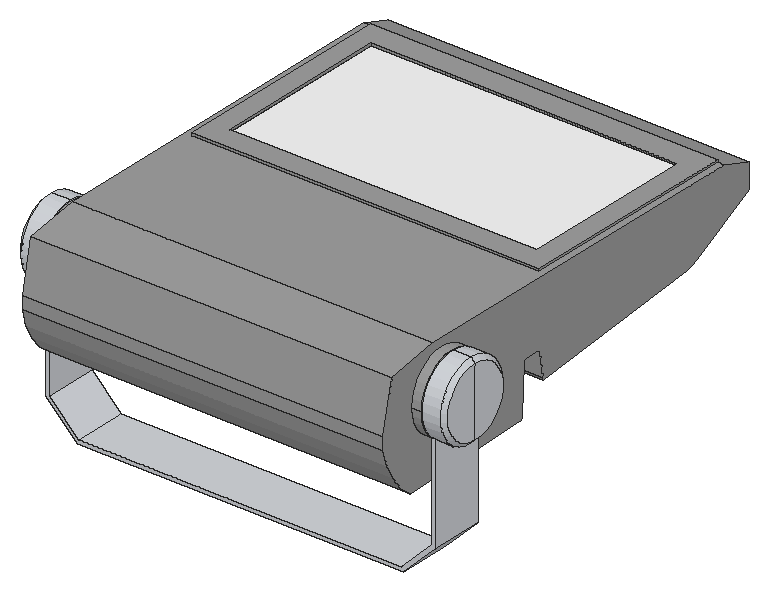
Revit family "0049103 Feilo Sylvania Lighting Fixture SYLVEO LED 3000LM NAR 3K", category Lighting Fixtures, host Face, Revit 2017
Family settings
  Host = Face
  Round Connector Dimension = Use Diameter
  Part Type = Normal
  OmniClass Number = 23.80.70.00
  OmniClass Title = Lighting
  Cut with Voids When Loaded = No
  Light Source = No
  Shared = No
  Room Calculation Point = No
Parameters (values of type "0049103 SYLVEO LED 3000LM NAR 3K")
  _DistributedBy = ""
  _CurrentRevision = 0
  _CreatedBy = "http://www.feilosylvania.com"
  _BimstoreBibleVersion = "Version 15"
  _BimSpecGuid = 0
  _Author = "n/a"
  Weight = "10.902 kg"
  Wattage Comments = "n/a"
  WarrantyStartDate [instance] = "n/a"
  WarrantyGuarantorParts = "n/a"
  WarrantyDurationUnit = "n/a"
  WarrantyDurationParts = "n/a"
  WarrantyDescription = "n/a"
  Voltage = 230 V
  URL = "http://www.sylvania-lighting.com"
  TypeName = "SYLVEO LED 3000LM NAR 3K"
  TypeBody_FEILO = Sylveo Body S : 0049103 SYLVEO LED 3000LM NAR 3K
  Type Image = <None>
  Type Comments = "n/a"
  TotalWidth = 205 mm
  TiltAngle [instance] = 0.00°
  StartAngle [instance] = -TiltAngle  # 0.00°
  PhotobiologicalRiskGroup = "RG1"
  Material_4_FEILO = none
  Material_3_FEILO = Diffuser-Sylvania-Glow
  Material_2_FEILO = Default
  Material_1_FEILO = none
  LuminousFlux = 3189 lm
  EndAngle [instance] = StartAngle + 180.00°  # 180.00°
  SerialNumber [instance] = "n/a"
  PowerFactor = 0
  PowerConsumption = "30.2 W"
  NominalLength = 205 mm
  NominalHeight = 219 mm
  NominalDepth = 59 mm
  Name = "SYLVEO LED 3000LM NAR 3K"
  NBSReference = "n/a"
  NBSOfficeMasterTag = "n/a"
  NBSObjectName = "n/a"
  NBSNote = "n/a"
  NBSDescription = "n/a"
  ModelReference = "SYLVEO LED 3000LM NAR 3K"
  ModelNumber = "0049103"
  Model = ModelReference  # "SYLVEO LED 3000LM NAR 3K"
  Material = "aluminium housing, glass diffuser"
  ManufacturerName = "Feilo Sylvania"
  Manufacturer = "Feilo Sylvania"
  LuminaireType = ""
  LuminairePowerFactor = "n/a"
  LightOutputRatio = "100"
  LampsType = "LED"
  LampsColourRenderingIndex = "70"
  Lamp = "LED"
  Keynote = "16500"
  InstallationDate [instance] = "n/a"
  InputVoltage = "100-240V~"
  InputNominalFrequency = "50 Hz"
  IngressProtection = "IP66"
  ImpactProtectionIndex = "IK08"
  IfcExportType = "IfcLightFixtureType"
  IfcExportAs = "IfcLightFixtureType"
  Finish = "Die cast"
  ExpectedLife = 50000
  ElectricShockClassification = "Class I"
  DurationUnit = "hours"
  DocumentationLiterature = "http://www.sylvania-lighting.com/product/en-int/products/0049103"
  DimmingControlOptions = "Non dimmable"
  Diffuser Material = "Glass"
  Diffuser Finish = "Clear"
  Description = "Exterior LED Floodlight, comes complete with a 1000mm cable and adjustable bracket, aluminium housing, clear glass diffuser, IP66, IK08, Class I, 3000K, Non-dimming, 3041lm, 30W, 101lm/W, 850mA, CRI70, 21° beam angle, 50000hrs, (LxWxD) 49x205x219mm"
  Default Elevation = 1219.2 mm
  CreatedOn = "1/9/2018"
  CreatedBy = ""
  Cost = 0
  ColorTemperature = 4000 K
  ColorConsistency(SDCM) = "6"
  Color = "Aluminium"
  built-in parameter 1114216 [instance] = (empty or 0)
  ClassificationValue = "EF_70_80"
  ClassificationName = "Uniclass2015"
  BracketWidth = 25 mm
  BracketInnerWidth = 183 mm
  BracketExtrusionStart = -BracketWidth / 2  # -12.5 mm
  BracketExtrusionEnd = BracketWidth / 2  # 12.5 mm
  BarCode [instance] = "n/a"
  BIMObjectName = "n/a"
  AssetType = "Fixed"
  AssetIdentifier [instance] = "n/a"
  Assembly Code = "D5020200"
  Apparent Load = 30.2 VA
Reference planes
  plane 1 "Center (Front/Back)": y = 0
  plane 2: z = 0
  plane 3 "Center (Left/Right)": x = 0
  plane 4: x = 91.5
  plane 5: x = -91.5
  plane 6: z = 76
  plane 7: x = 102.5
  plane 8: x = -102.5
  plane 9: z = 94.5
  plane 10: z = 57.5
  plane 11: x = 100.5
  plane 12: x = -100.5
  plane 13: x = 93.5
  plane 14: x = -93.5
  plane 15: z = 2
  plane 16: z = 16
  plane 17: x = 77.5
  plane 18: x = -77.5
  plane 19: z = 59.5
Forms (mm)
  Extrusion 1, solid
    sketch origin (0, 0, 0) x (1, 0, 0) y (0, 0, 1)
      loop
        line (0, 2) -> (0, 0) -> (78.328, 0) -> (93.5, 15.172) -> (93.5, 76) -> (91.5, 76) -> (91.5, 16) -> (77.5, 2) -> (0, 2)
    from -12.5 to 12.5 <- "BracketExtrusionEnd"
  Extrusion 2, solid
    sketch origin (0, 0, 0) x (-1, 0, 0) y (0, 0, -1)
      loop
        line (0, -2) -> (77.5, -2) -> (91.5, -16) -> (91.5, -76) -> (93.5, -76) -> (93.5, -15.172) -> (78.328, 0) -> (0, 0) -> (0, -2)
    from -12.5 to 12.5 <- "BracketExtrusionEnd"
  Revolve 3, solid
    sketch origin (0, 0, 0) x (1, 0, 0) y (0, 0, 1)
      loop
        line (-91.5, 76) -> (-102.5, 76) -> (-102.5, 59.5) -> (-100.5, 57.5) -> (-91.5, 57.5) -> (-91.5, 76)
      axis (-91.5, 76) -> (-102.5, 76)
    angle from 0 to 360
  Revolve 4, solid
    sketch origin (0, 0, 0) x (-1, 0, 0) y (0, 0, 1)
      loop
        line (-91.5, 76) -> (-102.5, 76) -> (-102.5, 59.5) -> (-100.5, 57.5) -> (-91.5, 57.5) -> (-91.5, 76)
      axis (-91.5, 76) -> (-102.5, 76)
    angle from 0 to 360
  Revolve 5, solid, not visible
    sketch origin (181.107, 0, 76) x (1, 0, 0) y (0, 1, 0)
      loop
        line (-191.101, 0) -> (-171.112, 0) -> (-171.112, 10) -> (-191.101, 10) -> (-191.101, 0)
      axis (-171.112, 0) -> (-191.101, 0)
    angle from 0 <- "StartAngle" to 180 <- "EndAngle"
Cuts and joins
  joined: Extrusion 1, Extrusion 2, Revolve 3, Revolve 4
Dimensions and locks
  equal spacing: plane 5, plane 3 "Center (Left/Right)", plane 4
  "BracketInnerWidth": plane 5 to plane 4
  equal spacing: plane 7, plane 3 "Center (Left/Right)", plane 8
  "TotalWidth": plane 7 to plane 8
  locked: plane 2 to plane 6 at 76
  equal spacing: plane 10, plane 6, plane 9
  locked: plane 10 to plane 9 at 37
  equal spacing: plane 11, plane 3 "Center (Left/Right)", plane 12
  locked: plane 11 to plane 12 at 201
  equal spacing: plane 13, plane 3 "Center (Left/Right)", plane 14
  locked: plane 13 to plane 14 at 187
  locked: plane 2 to plane 16 at 16
  locked: plane 2 to plane 15 at 2
  equal spacing: plane 17, plane 3 "Center (Left/Right)", plane 18
  locked: plane 17 to plane 18 at 155
  locked: plane 19 to plane 10 at 2
  locked: Revolve 5 sketch curve to Revolve 5 sketch curve at 10
  equal spacing: Revolve 5 sketch curve, plane 3 "Center (Left/Right)", Revolve 5 sketch curve
  locked: Revolve 5 sketch curve to Revolve 5 sketch curve at 19.988
  aligned and locked: plane 2 to host face
  aligned and locked: level to host face
  aligned and locked: Revolve 3 sketch curve to plane 10
  aligned and locked: Revolve 3 sketch curve to plane 8
  aligned and locked: plane 5 to Revolve 3 sketch curve
  aligned and locked: Revolve 3 sketch curve to plane 6  (x2)
  aligned and locked: Revolve 5 sketch curve to plane 1 "Center (Front/Back)"
  aligned and locked: plane 3 "Center (Left/Right)" to nested 1
Automatic sketch dimensions
  host sketch curve to host sketch curve = 2438.4 mm  (x2)
  Extrusion 1 sketch curve to plane 3 "Center (Left/Right)" = 0 mm  (x2)
  Extrusion 1 sketch curve to level = 0 mm  (x2)
  Extrusion 1 sketch curve to plane 15 = 0 mm
  Extrusion 1 sketch curve to plane 17 = 0 mm
  plane 4 to Extrusion 1 sketch curve = 0 mm
  Extrusion 1 sketch curve to plane 13 = 0 mm  (x2)
  Extrusion 1 sketch curve to plane 6 = 0 mm  (x2)
  Extrusion 1 sketch curve to plane 16 = 0 mm
  plane 17 to Extrusion 1 sketch curve = 0.828 mm
  Extrusion 1 sketch curve to plane 16 = 0.828 mm
  Extrusion 2 sketch curve to plane 3 "Center (Left/Right)" = 0 mm  (x2)
  Extrusion 2 sketch curve to level = 0 mm  (x2)
  Extrusion 2 sketch curve to plane 15 = 0 mm
  plane 18 to Extrusion 2 sketch curve = 0 mm
  plane 5 to Extrusion 2 sketch curve = 0 mm
  plane 14 to Extrusion 2 sketch curve = 0 mm  (x2)
  Extrusion 2 sketch curve to plane 6 = 0 mm  (x2)
  Extrusion 2 sketch curve to plane 16 = 0 mm
  Extrusion 2 sketch curve to plane 18 = 0.828 mm
  plane 16 to Extrusion 2 sketch curve = 0.828 mm
  plane 12 to Revolve 3 sketch curve = 0 mm
  Revolve 3 sketch curve to plane 19 = 0 mm
  plane 8 to Revolve 3 sketch curve = 77.715 mm
  plane 7 to Revolve 3 sketch curve = 78.607 mm
  Revolve 4 sketch curve to plane 6 = 0 mm  (x2)
  Revolve 4 sketch curve to plane 7 = 0 mm
  Revolve 4 sketch curve to plane 10 = 0 mm
  Revolve 4 sketch curve to plane 11 = 0 mm
  plane 4 to Revolve 4 sketch curve = 0 mm
  Revolve 4 sketch curve to plane 19 = 0 mm
  Revolve 4 sketch curve to Revolve 4 sketch curve = 77.715 mm
  Revolve 4 sketch curve to plane 8 = 78.607 mm
  plane 1 "Center (Front/Back)" to Revolve 5 sketch curve = 0 mm
  plane 8 to Revolve 5 sketch curve = 1421.5 mm
  plane 7 to Revolve 5 sketch curve = 1421.5 mm
Nested families
  nested 1: "Sylveo Body S" at (0, 72.991, 76), type <- "TypeBody_FEILO", type "0049103 SYLVEO LED 3000LM NAR 3K"
Connectors
  electrical at (0, 0, 0), driven by "Apparent Load", driven by "PowerFactor", driven by "Voltage"
    settings: index 1, voltage 230 V, apparent load 30.2 VA, apparent load phase1 0 VA, apparent load phase2 0 VA, apparent load phase3 0 VA, power factor 0, load classification "Lighting", number of poles 1, system type 30, power factor state 1, is connector primary yes, connector utility no, sub classification motor no, connector description ""
Definition of nested family "Sylveo Body S"
  Parameters (values of type "0049105 SYLVEO LED 3000LM RASYM 3K")
    Wattage = 30.8 W
    built-in parameter 1150110 = 1 (stored number, unit not read)
    VoidExtrusionStart = -BodyWidth / 2  # -86.5 mm
    URL = "http://www.feilosylvania.com"
    Type Comments = "n/a"
    built-in parameter 1114217 = 1 (stored number, unit not read)
    Tilt Angle = -90.00°
    built-in parameter 1150109 = 1 (stored number, unit not read)
    built-in parameter 1150134 = (empty or 0)
    built-in parameter 1150113 = 1 (stored number, unit not read)
    Photometric Web File = "0049105.ies"
    Model = "SYLVEO LED 3000LM RASYM 3K"
    Material_4_FEILO = none
    Material_3_FEILO = none
    Material_2_FEILO = none
    Material_1_FEILO = none
    Manufacturer = "Feilo Sylvania"
    built-in parameter 1150105 = 1613.6 (stored number, unit not read)
    Lumens = 3123.12 lm
    built-in parameter 1150115 = 1 (stored number, unit not read)
    built-in parameter 1150137 = (empty or 0)
    built-in parameter 1150139 = (empty or 0)
    built-in parameter 1150112 = 1 (stored number, unit not read)
    built-in parameter 1150114 = 1 (stored number, unit not read)
    Lamp = "LED"
    Keynote = "16500"
    built-in parameter 1150132 = (empty or 0)
    built-in parameter 1150102 = (empty or 0)
    built-in parameter 1150107 = 3000 (stored number, unit not read)
    built-in parameter 1150138 = (empty or 0)
    built-in parameter 1150106 = 16.136 (stored number, unit not read)
    Emit from Rectangle Width = 84 mm
    Emit from Rectangle Length = 147 mm
    Emit Shape Visible in Rendering = no
    built-in parameter 1150104 = 9.4204 (stored number, unit not read)
    Dimming Lamp Color Temperature Shift = (empty or 0)
    Description = "Exterior LED Floodlight, comes complete with a 1000mm cable and adjustable bracket, aluminium housing, clear glass diffuser, IP66, IK08, Class I, 3000K, Non-dimming, 3122lm, 31W, 101lm/W, 850mA, CRI70, 52°x117° beam angle, 50000hrs, (LxWxD) 49x205x219mm"
    Default Elevation = 1219.2 mm
    Cost = 0
    Color Filter = 16777215
    BodyWidth = 173 mm
    BodyHeight = 219 mm
    BodyExtrusionEnd = -BodyDepth  # -59 mm
    BodyDepth = 59 mm
    built-in parameter 1114218 = 1 (stored number, unit not read)
    built-in parameter 1150133 = 10 (stored number, unit not read)
    Assembly Code = "D5020200"
    Apparent Load = 30.8 VA
  Types (6, lengths in mm): name | Wattage | built-in parameter 1150134 | Photometric Web File | Model | built-in parameter 1150105 | Lumens | built-in parameter 1150107 | built-in parameter 1150106 | built-in parameter 1150104 | Description | Apparent Load
    0049105 SYLVEO LED 3000LM RASYM 3K | 30.8 W | (empty or 0) | "0049105.ies" | "SYLVEO LED 3000LM RASYM 3K" | 1613.6 (stored number, unit not read) | 3123.12 lm | 3000 (stored number, unit not read) | 16.136 (stored number, unit not read) | 9.4204 (stored number, unit not read) | "Exterior LED Floodlight, comes complete with a 1000mm cable and adjustable bracket, aluminium housing, clear glass diffuser, IP66, IK08, Class I, 3000K, Non-dimming, 3122lm, 31W, 101lm/W, 850mA, CRI70, 52°x117° beam angle, 50000hrs, (LxWxD) 49x205x219mm" | 30.8 VA
    0049104 SYLVEO LED 3000LM WIDE 3K | 30.5 W | (empty or 0) | "0049104.ies" | "SYLVEO LED 3000LM WIDE 3K" | 3931.7 (stored number, unit not read) | 3089.65 lm | 3000 (stored number, unit not read) | 39.317 (stored number, unit not read) | 9.4111 (stored number, unit not read) | "Exterior LED Floodlight, comes complete with a 1000mm cable and adjustable bracket, aluminium housing, clear glass diffuser, IP66, IK08, Class I, 3000K, Non-dimming, 3090lm, 31W, 101lm/W, 850mA, CRI70, 52° beam angle, 50000hrs, (LxWxD) 49x205x219mm" | 30.5 VA
    0049103 SYLVEO LED 3000LM NAR 3K | 30.2 W | (empty or 0) | "0049103.ies" | "SYLVEO LED 3000LM NAR 3K" | 12950.9 (stored number, unit not read) | 3041.14 lm | 3000 (stored number, unit not read) | 129.51 (stored number, unit not read) | 9.3553 (stored number, unit not read) | "Exterior LED Floodlight, comes complete with a 1000mm cable and adjustable bracket, aluminium housing, clear glass diffuser, IP66, IK08, Class I, 3000K, Non-dimming, 3041lm, 30W, 101lm/W, 850mA, CRI70, 21° beam angle, 50000hrs, (LxWxD) 49x205x219mm" | 30.2 VA
    0049102 SYLVEO LED 3000LM RASYM 4K | 30.3 W | 12 | "0049102.ies" | "SYLVEO LED 3000LM RASYM 4K" | 1646.9 (stored number, unit not read) | 3187.56 lm | 4000 (stored number, unit not read) | 16.469 (stored number, unit not read) | 9.7734 (stored number, unit not read) | "Exterior LED Floodlight, comes complete with a 1000mm cable and adjustable bracket, aluminium housing, clear glass diffuser, IP66, IK08, Class I, 4000K, Non-dimming, 3189lm, 30W, 105lm/W, 850mA, CRI70, 52°x117° beam angle, 50000hrs, (LxWxD) 49x205x219mm" | 30.3 VA
    0049101 SYLVEO LED 3000LM WIDE 4K | 32.2 W | 12 | "0049101.ies" | "SYLVEO LED 3000LM WIDE 4K" | 3985.3 (stored number, unit not read) | 3400.32 lm | 4000 (stored number, unit not read) | 39.853 (stored number, unit not read) | 9.8106 (stored number, unit not read) | "Exterior LED Floodlight, comes complete with a 1000mm cable and adjustable bracket, aluminium housing, clear glass diffuser, IP66, IK08, Class I, 4000K, Non-dimming, 3400lm, 32W, 106lm/W, 850mA, CRI70, 52° beam angle, 50000hrs, (LxWxD) 49x205x219mm" | 32.2 VA
    0049100 SYLVEO LED 3000LM NAR 4K | 30.5 W | 12 | "0049100.ies" | "SYLVEO LED 3000LM NAR 4K" | 13402.6 (stored number, unit not read) | 3089.65 lm | 4000 (stored number, unit not read) | 134.03 (stored number, unit not read) | 9.4111 (stored number, unit not read) | "Exterior LED Floodlight, comes complete with a 1000mm cable and adjustable bracket, aluminium housing, clear glass diffuser, IP66, IK08, Class I, 4000K, Non-dimming, 3090lm, 31W, 101lm/W, 850mA, CRI70, 21° beam angle, 50000hrs, (LxWxD) 49x205x219mm" | 30.5 VA
  Reference planes
    plane 1 "Center (Front/Back)": y = 0
    plane 2: z = 0
    plane 3 "Center (Left/Right)": x = 0
    plane 4: x = -86.5
    plane 5: x = 86.5
    plane 6: y = 110.708
    plane 7: y = -108.292
    plane 8: y = 96.384
    plane 9: y = 84.647
    plane 10: y = -0.668
    plane 11: y = -10.878
    plane 12: y = -54.493
    plane 13: y = -91.489
    plane 14: y = -72.991
    plane 15: x = -102.515
    plane 16: x = 102.515
    plane 17: x = -73.649
    plane 18: x = 73.649
    plane 19: x = -91.536
    plane 20: x = 91.536
    plane 21: z = 0
    plane 22: z = 22
    plane 23: x = -83.139
    plane 24: x = 83.139
    plane 25: y = -103.292
    plane 26: y = -78.292
    plane 27: z = -5.309
    plane 28: z = -11.402
    plane 29: y = -25.118
    plane 30: y = -23.893
    plane 31: z = -8.976
    plane 32: y = -14.493
    plane 33: y = -12.511
    plane 34: y = 77.218
    plane 35: z = 17
    plane 36: z = -13.634
    plane 37: z = 5
    plane 38: z = -22.951
    plane 39: z = -34.41
    plane 40: z = 17.785
    plane 41: y = 42.323
  Forms (mm)
    Extrusion 1, solid
      sketch origin (-0.8, 0, 0) x (1, 0, 0) y (0, 1, 0)
        loop
          line (-1219.2, 1219.2) -> (-1219.2, -1219.2) -> (1219.2, -1219.2) -> (1219.2, 1219.2) -> (-1219.2, 1219.2)
      from 0 to -304.8
    Revolve 2, solid, material <- "Material_2_FEILO"
      sketch origin (144.148, 0, 0) x (1, 0, 0) y (0, 1, 0)
        loop
          line (-235.684, -72.991) -> (-52.612, -72.991) -> (-52.612, -54.493) -> (-235.684, -54.493) -> (-235.684, -72.991)
        axis (-235.684, -72.991) -> (-52.612, -72.991)
      angle from 0 to 360
    Extrusion 3, solid, material <- "Material_2_FEILO"
      sketch origin (0, -146.667, 22) x (0, -1, 0) y (1, 0, 0)
        loop
          line (-257.375, -86.5) -> (-38.375, -86.5) -> (-38.375, 86.5) -> (-257.375, 86.5) -> (-257.375, -86.5)
      from 0 to -59 <- "BodyExtrusionEnd"
    Extrusion 4, void
      sketch origin (0, 0, 0) x (0, 1, 0) y (0, 0, 1)
        loop
          line (-78.292, 22) -> (-108.292, 22) -> (-108.292, -5.309) -> (-103.292, 17.785) -> (-78.292, 22)
        loop
          line (-108.292, -11.402) -> (-108.292, -37) -> (-91.489, -37)
          arc (-91.489, -37) -> (-102.558, -25.952) -> (-108.292, -11.402) r 38.329
      from -86.5 <- "VoidExtrusionStart" to 173 <- "BodyWidth"
    Extrusion 5, void
      sketch origin (0, 0, 0) x (0, 1, 0) y (0, 0, 1)
        loop
          line (-91.489, -37) -> (110.708, -37) -> (110.708, 5) -> (80.083, -12.039)
          arc (80.083, -12.039) -> (77.118, -13.316) -> (73.956, -13.972) r 16
          line (73.956, -13.972) -> (-11.553, -22.851)
          arc (-11.553, -22.851) -> (-12.272, -22.645) -> (-12.646, -21.997) r 1
          line (-12.646, -21.997) -> (-14.371, -9.836)
          arc (-14.371, -9.836) -> (-14.706, -9.221) -> (-15.361, -8.976) r 1
          line (-15.361, -8.976) -> (-22.94, -8.976)
          arc (-22.94, -8.976) -> (-23.63, -9.252) -> (-23.939, -9.928) r 1
          line (-23.939, -9.928) -> (-25.074, -33.494)
          arc (-25.074, -33.494) -> (-25.381, -34.133) -> (-26.034, -34.41) r 1.003
          line (-26.034, -34.41) -> (-91.489, -37)
        loop
          line (110.708, 17) -> (110.708, 22) -> (96.384, 22) -> (110.708, 17)
      from -86.5 <- "VoidExtrusionStart" to 173 <- "BodyWidth"
    Extrusion 6, solid, material <- "Material_2_FEILO"
      sketch origin (0, -146.667, 22) x (0, -1, 0) y (1, 0, 0)
        loop
          line (-243.051, -83.139) -> (-135.789, -83.139) -> (-135.789, 83.139) -> (-243.051, 83.139) -> (-243.051, -83.139)
        loop
          line (-231.314, -73.649) -> (-146.667, -73.649) -> (-146.667, 73.649) -> (-231.314, 73.649) -> (-231.314, -73.649)
      from 0 to 1
    Extrusion 7, void
      sketch origin (0, -146.667, 22) x (1, 0, 0) y (0, -1, 0)
        loop
          line (-73.649, -231.314) -> (73.649, -231.314) -> (73.649, -146.667) -> (-73.649, -146.667) -> (-73.649, -231.314)
      from 0 to 12
    Extrusion 8, solid, material <- "Material_3_FEILO"
      sketch origin (0, -146.667, 22) x (0, -1, 0) y (1, 0, 0)
        loop
          line (-231.314, -73.649) -> (-146.667, -73.649) -> (-146.667, 73.649) -> (-231.314, 73.649) -> (-231.314, -73.649)
      from 0 to -1
  Cuts and joins
    Extrusion 4, Extrusion 5, Extrusion 7 cuts Extrusion 3
    joined: Revolve 2, Extrusion 3
  Lines and regions (mm)
    reference lines
      curve 1: line (0, -108.292, -5.309) -> (0, -108.292, -11.402)
  Dimensions and locks
    equal spacing: plane 4, plane 3 "Center (Left/Right)", plane 5
    "BodyWidth": plane 4 to plane 5
    "BodyHeight": plane 6 to plane 7
    locked: plane 1 "Center (Front/Back)" to plane 7 at 108.292
    locked: plane 13 to plane 7 at 16.803
    locked: plane 14 to plane 7 at 35.301
    equal spacing: plane 12, plane 14, plane 13
    locked: plane 11 to plane 7 at 97.414
    locked: plane 10 to plane 7 at 107.624
    locked: plane 1 "Center (Front/Back)" to plane 9 at 84.647
    locked: plane 8 to plane 1 "Center (Front/Back)" at 96.384
    equal spacing: plane 15, plane 3 "Center (Left/Right)", plane 16
    locked: plane 15 to plane 16 at 205.031
    equal spacing: plane 17, plane 3 "Center (Left/Right)", plane 18
    locked: plane 17 to plane 18 at 147.299
    equal spacing: plane 19, plane 3 "Center (Left/Right)", plane 20
    locked: plane 19 to plane 20 at 183.072
    equal spacing: plane 23, plane 3 "Center (Left/Right)", plane 24
    locked: plane 23 to plane 24 at 166.278
    locked: plane 21 to plane 22 at 22
    locked: curve 1 to curve 1 at 6.092
    locked: plane 7 to plane 26 at 30
    locked: plane 21 to plane 27 at 5.309
    locked: plane 21 to plane 28 at 11.402
    locked: plane 7 to plane 29 at 83.174
    locked: plane 7 to plane 30 at 84.399
    locked: plane 21 to plane 31 at 8.976
    locked: plane 7 to plane 32 at 93.799
    locked: plane 7 to plane 33 at 95.781
    locked: plane 7 to plane 34 at 185.51
    locked: plane 21 to plane 35 at 17
    locked: plane 36 to plane 21 at 13.634
    locked: plane 21 to plane 37 at 5
    locked: plane 21 to plane 38 at 22.951
    locked: plane 21 to plane 39 at 34.41
    locked: plane 40 to plane 21 at 17.785
    locked: plane 7 to plane 25 at 5
    equal spacing: Extrusion 6, Extrusion 7 sketch curve, plane 24
    equal spacing: plane 1 "Center (Front/Back)", plane 41, plane 9
    aligned and locked: plane 2 to Extrusion 1
    aligned and locked: level to Extrusion 1
    aligned and locked: Revolve 2 sketch curve to plane 14  (x2)
    aligned and locked: plane 19 to Revolve 2 sketch curve
    aligned and locked: plane 12 to Revolve 2 sketch curve
    aligned and locked: Revolve 2 sketch curve to plane 20
    aligned and locked: level to plane 21
    aligned and locked: Extrusion 3 sketch curve to plane 6
    aligned and locked: plane 4 to Extrusion 3 sketch curve
    aligned and locked: plane 7 to Extrusion 3 sketch curve
    aligned and locked: Extrusion 3 sketch curve to plane 5
    aligned and locked: plane 40 to Extrusion 4 sketch curve
    aligned and locked: Extrusion 4 sketch curve to curve 1
    aligned and locked: plane 22 to Extrusion 4 sketch curve
    aligned and locked: curve 1 to Extrusion 4 sketch curve
    aligned and locked: Extrusion 4 sketch curve to Extrusion 3
    aligned and locked: plane 39 to Extrusion 5 sketch curve
    aligned and locked: plane 6 to Extrusion 5 sketch curve  (x2)
    aligned and locked: Extrusion 5 sketch curve to plane 22
    aligned and locked: Extrusion 6 sketch curve to plane 8
    aligned and locked: plane 23 to Extrusion 6 sketch curve
    aligned and locked: plane 11 to Extrusion 6 sketch curve
    aligned and locked: Extrusion 6 sketch curve to plane 24
    aligned and locked: plane 9 to Extrusion 6 sketch curve
    aligned and locked: plane 17 to Extrusion 6 sketch curve
    aligned and locked: Extrusion 6 sketch curve to plane 1 "Center (Front/Back)"
    aligned and locked: plane 18 to Extrusion 6 sketch curve
    aligned and locked: Extrusion 7 sketch curve to Extrusion 6  (x3)
    aligned and locked: Extrusion 8 sketch curve to cut or joined group of Revolve 2, Extrusion 3, Extrusion 4, Extrusion 5, Extrusion 7  (x4)
    aligned and locked: imposter light to plane 3 "Center (Left/Right)"
    aligned and locked: imposter light to plane 41
    aligned and locked: imposter light to plane 22
  Automatic sketch dimensions
    Extrusion 1 sketch curve to Extrusion 1 sketch curve = 2438.4 mm  (x2)
    plane 15 to Revolve 2 sketch curve = 90.323 mm
    plane 16 to Revolve 2 sketch curve = 82.977 mm
    curve 1 to level = 11.402 mm
    curve 1 to plane 7 = 0 mm
    Extrusion 4 sketch curve to plane 25 = 0 mm
    Extrusion 4 sketch curve to plane 13 = 0 mm
    Extrusion 4 sketch curve to plane 26 = 0 mm
    Extrusion 4 sketch curve to plane 28 = 0 mm
    Extrusion 4 sketch curve to plane 27 = 0 mm
    plane 27 to Extrusion 4 sketch curve = 0.391 mm
    Extrusion 7 sketch curve to plane 18 = 0 mm
    Extrusion 5 sketch curve to plane 13 = 0 mm
    Extrusion 5 sketch curve to plane 31 = 0 mm
    Extrusion 5 sketch curve to plane 8 = 0 mm
    plane 37 to Extrusion 5 sketch curve = 0 mm
    plane 35 to Extrusion 5 sketch curve = 0 mm
    plane 29 to Extrusion 5 sketch curve = 0.955 mm
    plane 29 to Extrusion 5 sketch curve = 0.916 mm
    Extrusion 5 sketch curve to plane 29 = 0.044 mm
    Extrusion 5 sketch curve to plane 30 = 0.046 mm
    plane 30 to Extrusion 5 sketch curve = 0.953 mm
    Extrusion 5 sketch curve to plane 32 = 0.868 mm
    plane 32 to Extrusion 5 sketch curve = 0.122 mm
    Extrusion 5 sketch curve to plane 33 = 0.135 mm
    Extrusion 5 sketch curve to plane 11 = 0.778 mm
    plane 38 to Extrusion 5 sketch curve = 0.099 mm
    Extrusion 5 sketch curve to plane 11 = 0.675 mm
    level to Extrusion 5 sketch curve = 1.942 mm
    Extrusion 5 sketch curve to plane 34 = 4.914 mm
    Extrusion 5 sketch curve to plane 28 = 0.638 mm
    plane 34 to Extrusion 5 sketch curve = 2.865 mm
    Extrusion 5 sketch curve to plane 39 = 2.59 mm
    plane 39 to Extrusion 5 sketch curve = 0.915 mm
    plane 38 to Extrusion 5 sketch curve = 0.954 mm
    Extrusion 5 sketch curve to Extrusion 5 sketch curve = 1 mm  (x2)
    plane 36 to Extrusion 5 sketch curve = 0.339 mm
